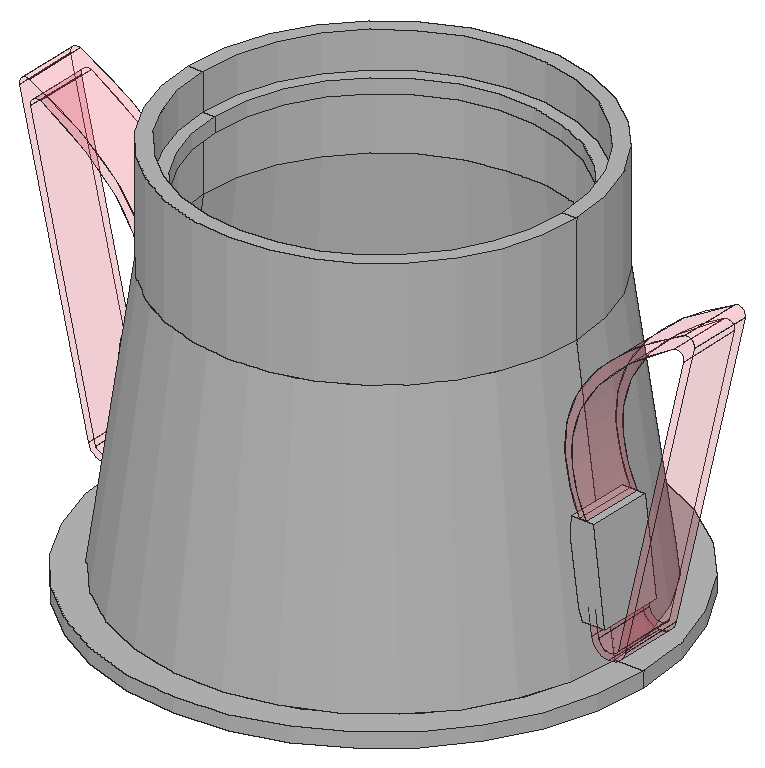
Revit family "LAMP_MOODY RFL. ROUND 072 FIX", category Modelos genéricos, Revit 2015
Parameters (values of type "COPPER FINISH")
  Weight = 0.028 kg
  Recessed diameter = 68 mm
  Product datasheet = "https://www.lamp.es/product-files/TECH/MORFRD072FXC-EN.pdf"
  Product code = "MORFRD072FXC"
  Product URL = "https://www.lamp.es/en/family/moody_33323"
  Modelo = Product code  # "MORFRD072FXC"
  Material Reflector = LAMP_PC Reflector Moody CO
  Material Muelle Emp. = LAMP_Acero genérico
  Manufacturer name = "LAMP"
  Manufacturer country = "Spain"
  Manufacturer URL = "http://www.lamp.es/en"
  Last update = "29/08/2019"
  Installation instructions = ""
  Finish = "Metalized matt copper"
  Fabricante = Manufacturer name  # "LAMP"
  Diameter = 72 mm
  Descripción = "MOODY ACC. RFL. ROUND 072 FIX CO."
  Accessory Type = "Assembly"
Types (4, lengths in mm): name | Product datasheet | Product code | Modelo | Material Reflector | Finish | Descripción
  COPPER FINISH | "https://www.lamp.es/product-files/TECH/MORFRD072FXC-EN.pdf" | "MORFRD072FXC" | "MORFRD072FXC" | LAMP_PC Reflector Moody CO | "Metalized matt copper" | "MOODY ACC. RFL. ROUND 072 FIX CO."
  WHITE FINISH | "https://www.lamp.es/product-files/TECH/MORFRD072FXW-EN.pdf" | "MORFRD072FXW" | "MORFRD072FXW" | LAMP_PC Reflector Moody BL | "Matt white" | "MOODY ACC. RFL. ROUND 072 FIX WH."
  SILVER FINISH | "https://www.lamp.es/product-files/TECH/MORFRD072FXM-EN.pdf" | "MORFRD072FXM" | "MORFRD072FXM" | LAMP_PC Reflector Moody GR | "Metalized matt silver" | "MOODY ACC. RFL. ROUND 072 FIX MET."
  BLACK FINISH | "https://www.lamp.es/product-files/TECH/MORFRD072FXB-EN.pdf" | "MORFRD072FXB" | "MORFRD072FXB" | LAMP_PC Reflector Moody NG | "Matt black" | "MOODY ACC. RFL. ROUND 072 FIX BK."
Reference planes
  plane 1 "Centro (Frontal/Posterior)": y = 0
  plane 2: z = 0
  plane 3 "Centro (Izquierda/Derecha)": x = 0
  plane 4 "Techo": z = 4000
Forms (mm)
  Revolve 1, solid, material "LAMP_PC Reflector Moody CO" <- "Material Reflector"
    sketch origin (0.497, 0, 0) x (1, 0, 0) y (0, 0, 1)
      loop
        line (-30, 3998) -> (-30, 4000) -> (-24.838, 4037.526) -> (-24.838, 4045.8) -> (-23.138, 4045.8) -> (-23.138, 4047.8) -> (-24.838, 4047.8) -> (-24.838, 4052.8) -> (-26.8, 4052.8) -> (-26.8, 4037.8) -> (-32, 4000) -> (-36, 4000) -> (-36, 3998) -> (-30, 3998)
      axis (0, 3998) -> (0, 4052.8)
    angle from 0 to 360
  Extrusion 2, solid, material "LAMP_PC Reflector Moody CO" <- "Material Reflector"
    sketch origin (0.497, 0, 0) x (1, 0, 0) y (0, 0, 1)
      loop
        line (-31.187, 4006.379) -> (-29.063, 4012.148) -> (-29.652, 4018.879) -> (-32.652, 4018.879) -> (-34.187, 4006.379) -> (-31.187, 4006.379)
    from 4.4 to -4.4
  Extrusion 3, solid, material "LAMP_Acero genérico" <- "Material Muelle Emp."
    sketch origin (0.497, 0, 0) x (1, 0, 0) y (0, 0, 1)
      loop
        line (-31.943, 4008.334) -> (-32.936, 4008.456) -> (-33.354, 4005.052)
        arc (-33.354, 4005.052) -> (-34.505, 4003.774) -> (-36.101, 4004.418) r 1.5
        line (-36.101, 4004.418) -> (-45.08, 4043.315)
        arc (-45.08, 4043.315) -> (-44.744, 4044.291) -> (-43.719, 4044.417) r 0.975
        spline (-43.719, 4044.417) -> (-39.839, 4042.049) -> (-36.692, 4039.685) -> (-34.215, 4037.335) -> (-32.344, 4035.012) -> (-31.016, 4032.729) -> (-30.17, 4030.498) -> (-29.74, 4028.33) -> (-29.666, 4026.239) -> (-29.883, 4024.236) -> (-30.329, 4022.333) -> (-30.941, 4020.544) -> (-31.656, 4018.879)
        line (-31.656, 4018.879) -> (-30.649, 4018.879)
        spline (-30.649, 4018.879) -> (-29.869, 4020.895) -> (-29.241, 4023.007) -> (-28.826, 4025.204) -> (-28.688, 4027.472) -> (-28.891, 4029.797) -> (-29.498, 4032.167) -> (-30.573, 4034.568) -> (-32.179, 4036.988) -> (-34.38, 4039.414) -> (-37.239, 4041.832) -> (-40.82, 4044.23) -> (-45.186, 4046.593)
        arc (-45.186, 4046.593) -> (-46.211, 4046.467) -> (-46.547, 4045.491) r 0.975
        line (-46.547, 4045.491) -> (-37.091, 4004.532)
        arc (-37.091, 4004.532) -> (-36.228, 4003.203) -> (-34.714, 4002.739) r 2.317
        arc (-34.714, 4002.739) -> (-33.138, 4003.406) -> (-32.361, 4004.931) r 2.5
        line (-32.361, 4004.931) -> (-31.943, 4008.334)
    from 4.4 to -4.4
  Extrusion 4, solid, material "LAMP_PC Reflector Moody CO" <- "Material Reflector"
    sketch origin (0.497, 0, 0) x (-1, 0, 0) y (0, 0, -1)
      loop
        line (-31.187, -4006.379) -> (-34.187, -4006.379) -> (-32.652, -4018.879) -> (-29.652, -4018.879) -> (-29.063, -4012.148) -> (-31.187, -4006.379)
    from 4.4 to -4.4
  Extrusion 5, solid, material "LAMP_Acero genérico" <- "Material Muelle Emp."
    sketch origin (0.497, 0, 0) x (-1, 0, 0) y (0, 0, -1)
      loop
        line (-31.943, -4008.334) -> (-32.361, -4004.931)
        arc (-32.361, -4004.931) -> (-33.138, -4003.406) -> (-34.714, -4002.739) r 2.5
        arc (-34.714, -4002.739) -> (-36.228, -4003.203) -> (-37.091, -4004.532) r 2.317
        line (-37.091, -4004.532) -> (-46.547, -4045.491)
        arc (-46.547, -4045.491) -> (-46.211, -4046.467) -> (-45.186, -4046.593) r 0.975
        spline (-45.186, -4046.593) -> (-40.82, -4044.23) -> (-37.239, -4041.832) -> (-34.38, -4039.414) -> (-32.179, -4036.988) -> (-30.573, -4034.568) -> (-29.498, -4032.167) -> (-28.891, -4029.797) -> (-28.688, -4027.472) -> (-28.826, -4025.204) -> (-29.241, -4023.007) -> (-29.869, -4020.895) -> (-30.649, -4018.879)
        line (-30.649, -4018.879) -> (-31.656, -4018.879)
        spline (-31.656, -4018.879) -> (-30.941, -4020.544) -> (-30.329, -4022.333) -> (-29.883, -4024.236) -> (-29.666, -4026.239) -> (-29.74, -4028.33) -> (-30.17, -4030.498) -> (-31.016, -4032.729) -> (-32.344, -4035.012) -> (-34.215, -4037.335) -> (-36.692, -4039.685) -> (-39.839, -4042.049) -> (-43.719, -4044.417)
        arc (-43.719, -4044.417) -> (-44.744, -4044.291) -> (-45.08, -4043.315) r 0.975
        line (-45.08, -4043.315) -> (-36.101, -4004.418)
        arc (-36.101, -4004.418) -> (-34.505, -4003.774) -> (-33.354, -4005.052) r 1.5
        line (-33.354, -4005.052) -> (-32.936, -4008.456) -> (-31.943, -4008.334)
    from 4.4 to -4.4
Text (mm)
  text "Any modification of the parameters and properties of the LAMP BIM models must be executed and validated by the LAMP technical department.\n\nPhone: +34 93 736 68 00\n\nE-mail: lamp@lamp.es\n\n\n\nLAMP reserves the right to modify the technical specifications of its products." at (37484.881, -79926.474, 28808.749), in view "Preview"
Dimensions and locks
  equal spacing: host sketch curve, plane 3 "Centro (Izquierda/Derecha)", host sketch curve
  equal spacing: host sketch curve, plane 1 "Centro (Frontal/Posterior)", host sketch curve
  host sketch curve to host sketch curve = 4000 mm  (x2)
  plane 4 "Techo" to host ceiling = 0 mm
